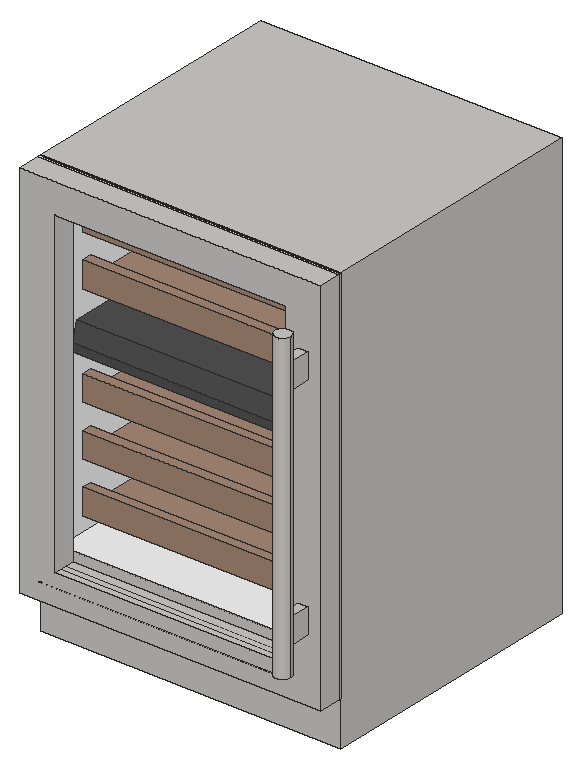
Revit family "M_Armazenamento de vinho_embutido", category Equipamento especial, Revit 2019
Family settings
  Cota do conector redondo = Utilizar diâmetro
  Tipo de parte = Normal
  Número OmniClass = 23.40.40.14
  Título OmniClass = Food Service Equipment
  Com base no plano de trabalho = Não
  Sempre na vertical = Sim
  Corte com vazios quando carregada = Não
  Compartilhado = Não
  Ponto de cálculo do ambiente = Não
Parameters (values of type "600mm LH")
  Largura = 600 mm
  Deslocamento de parede = 100 mm
  Voltagem = 120 V
  Type Comments = ""
  Acabamento da bandeja = Eletrodoméstico – Madeira – Carvalho
  Mostrar legenda = yes
  RH = no
  Consumo de energia = 500 VA
  Legenda = "Vinho U.C."
  LH = not(RH)  # yes
  Acabamento interior = Eletrodoméstico – Plástico – Branco
  Altura = 850 mm
  Linha de centro do puxador = if(RH, 35 mm, (Largura - 35 mm))  # 565 mm
  Vidro = Eletrodoméstico – Vidro
  Junta = Eletrodoméstico – Junta
  Descrição = "Armazenamento de vinho embutido"
  Linear = 600 mm
  Controlador = yes
  Acabamento do controlador = Eletrodoméstico – Plástico – Preto
  Código de montagem = "E1090320"
  Acabamento do eletrodoméstico = Eletrodoméstico – Aço inoxidável
  Amperagem = Consumo de energia / Voltagem  # 4.16667 A
Types (2, lengths in mm): name | RH | LH | Linha de centro do puxador
  600mm RH | yes | no | 35
  600mm LH | no | yes | 565
Reference planes
  plane 1 "Parte posterior": y = 0
  plane 2: z = 0
  plane 3 "Centro (Esquerda/Direita)": x = 0
  plane 4 "Esquerda": x = -300
  plane 5 "Direita": x = 300
  plane 6: y = -100
  plane 7 "Parte frontal": y = -700
  plane 8 "Traseira da porta": y = -649.2
  plane 9 "Superior": z = 850
  plane 10 "Porta B.O.": z = 88.9
  plane 11: x = 265
  plane 12: z = 773.8
  plane 13: z = 165.1
  plane 14: z = 506.412
  plane 15: y = -604.75
Forms (mm)
  Extrusion 1, solid, material "Eletrodoméstico – Aço inoxidável" <- "Acabamento do eletrodoméstico"
    sketch origin (0, 0, 0) x (1, 0, 0) y (0, 1, 0)
      loop
        line (-300, -100) -> (-300, -649.2) -> (300, -649.2) -> (300, -100) -> (-300, -100)
    from 0 to 850
  Extrusion 2, solid, material "Eletrodoméstico – Aço inoxidável" <- "Acabamento do eletrodoméstico", detail levels fine
    sketch origin (0, -700, 0) x (-1, 0, 0) y (0, 0, 1)
      loop
        line (-255.475, 723) -> (-274.525, 723) -> (-274.525, 672.2) -> (-255.475, 672.2) -> (-255.475, 723)
      loop
        line (-255.475, 266.7) -> (-274.525, 266.7) -> (-274.525, 215.9) -> (-255.475, 215.9) -> (-255.475, 266.7)
    from -42.559 to 0
  Extrusion 3, solid, material "Eletrodoméstico – Aço inoxidável" <- "Acabamento do eletrodoméstico", detail levels fine
    sketch origin (0, 0, 0) x (1, 0, 0) y (0, 1, 0)
      loop
        circle (265, -751.174) r 15.875
    from 165.1 to 773.8
  Extrusion 4, solid, material "Eletrodoméstico – Aço inoxidável" <- "Acabamento do eletrodoméstico"
    sketch origin (0, -700, 0) x (-1, 0, 0) y (0, 0, 1)
      loop
        line (300, 850) -> (-300, 850) -> (-300, 88.9) -> (300, 88.9) -> (300, 850)
      loop
        line (230.15, 789.675) -> (-230.15, 789.675) -> (-230.15, 149.225) -> (230.15, 149.225) -> (230.15, 789.675)
    from 0 to 44.45
  Sweep 5, solid, material "Eletrodoméstico – Junta" <- "Junta", detail levels fine
    path in 3D
      loop
        line (-300, -700, 850) -> (-300, -700, 88.9) -> (300, -700, 88.9) -> (300, -700, 850) -> (-300, -700, 850)
    profile origin (0, -700, 850) x (0, -1, 0) y (0, 0, 1)
      loop
        line (-50.8, -3.175) -> (-50.8, -6.35) -> (-44.45, -6.35) -> (-44.45, -3.175)
        arc (-44.45, -3.175) -> (-47.625, 0) -> (-50.8, -3.175) r 3.175
  Extrusion 6, solid, material "Eletrodoméstico – Vidro" <- "Vidro"
    sketch origin (0, -700, 0) x (-1, 0, 0) y (0, 0, 1)
      loop
        line (-230.15, 789.675) -> (-230.15, 149.225) -> (230.15, 149.225) -> (230.15, 789.675) -> (-230.15, 789.675)
    from 12.7 to 25.4
  Extrusion 7, solid, material "Eletrodoméstico – Plástico – Preto" <- "Acabamento do controlador", visible <- "Controlador", detail levels medium+fine
    sketch origin (0, 0, 0) x (0, 1, 0) y (0, 0, 1)
      loop
        line (-150.8, 506.412) -> (-150.8, 560.387) -> (-620.217, 560.387) -> (-630.15, 523.317) -> (-630.15, 506.412) -> (-150.8, 506.412)
    from -250.787 to 250.788
  Extrusion 8, solid, material "Eletrodoméstico – Madeira – Carvalho" <- "Acabamento da bandeja", detail levels fine
    sketch origin (0, 0, 0) x (0, 1, 0) y (0, 0, 1)
      loop
        line (-150.8, 203.2) -> (-150.8, 215.9) -> (-585.7, 215.9) -> (-585.7, 254) -> (-604.75, 254) -> (-604.75, 203.2) -> (-150.8, 203.2)
      loop
        line (-150.8, 304.8) -> (-150.8, 317.5) -> (-585.7, 317.5) -> (-585.7, 355.6) -> (-604.75, 355.6) -> (-604.75, 304.8) -> (-150.8, 304.8)
      loop
        line (-150.8, 406.4) -> (-150.8, 419.1) -> (-585.7, 419.1) -> (-585.7, 457.2) -> (-604.75, 457.2) -> (-604.75, 406.4) -> (-150.8, 406.4)
      loop
        line (-150.8, 609.6) -> (-150.8, 622.3) -> (-585.7, 622.3) -> (-585.7, 660.4) -> (-604.75, 660.4) -> (-604.75, 609.6) -> (-150.8, 609.6)
      loop
        line (-150.8, 711.2) -> (-150.8, 723.9) -> (-585.7, 723.9) -> (-585.7, 762) -> (-604.75, 762) -> (-604.75, 711.2) -> (-150.8, 711.2)
      loop
        line (-150.8, 508) -> (-150.8, 520.7) -> (-585.7, 520.7) -> (-585.7, 558.8) -> (-604.75, 558.8) -> (-604.75, 508) -> (-150.8, 508)
    from -250.787 to 250.788
  Extrusion 9, void
    sketch origin (0, -649.2, 0) x (-1, 0, 0) y (0, 0, 1)
      loop
        line (261.9, 825.801) -> (-261.9, 825.801) -> (-261.9, 165.1) -> (261.9, 165.1) -> (261.9, 825.801)
    from 0 to 498.4
Cuts and joins
  Extrusion 9 cuts Extrusion 2
  Extrusion 9 cuts Extrusion 3
  joined: Extrusion 2, Extrusion 3
  Extrusion 9 cuts Extrusion 1
  Extrusion 9 cuts Extrusion 4
  Extrusion 9 cuts Extrusion 6
Lines and regions (mm)
  Split face 1
    outline origin (-300, -100, 0) x (1, 0, 0) y (0, 0, -1)
      loop
        circle (447.6, -697.6) r 50.8
  Masking region 1
    outline origin (0, 0, 0) x (1, 0, 0) y (0, 1, 0)
      loop
        line (-300, -100) -> (-300, -700) -> (300, -700) -> (300, -100) -> (-300, -100)
  Masking region 2, detail levels fine
    outline origin (0, 0, 0) x (1, 0, 0) y (0, 1, 0)
      loop
        line (274.525, -738.474) -> (274.525, -700) -> (255.475, -700) -> (255.475, -738.474)
        arc (255.475, -738.474) -> (250.801, -744.075) -> (249.125, -751.174) r 15.875
        arc (249.125, -751.174) -> (265, -767.049) -> (280.875, -751.174) r 15.875
        arc (280.875, -751.174) -> (279.199, -744.075) -> (274.525, -738.474) r 15.875
  symbolic lines, style "Eletrodomésticos – Giro da planta", visible <- "LH", detail levels medium+fine
    curve 1: arc (300, -700, 0) -> (124.264, -1124.264, 0) -> (-300, -1300, 0) r 600
    curve 2: line (-300, -700, 0) -> (-300, -1300, 0)
  symbolic lines, style "Eletrodomésticos – Giro da planta", visible <- "RH", detail levels medium+fine
    curve 3: arc (-300, -700, 0) -> (-124.264, -1124.264, 0) -> (300, -1300, 0) r 600
    curve 4: line (300, -1300, 0) -> (300, -700, 0)
  sketch lines
    curve 5: line (300, -700, 850) -> (-300, -700, 850)
    curve 6: line (300, -700, 88.9) -> (300, -700, 850)
    curve 7: line (-300, -700, 88.9) -> (300, -700, 88.9)
    curve 8: line (-300, -700, 850) -> (-300, -700, 88.9)
  symbolic lines, style "Eletrodomésticos"
    curve 9: line (-300, -100, 0) -> (300, -100, 0)
    curve 10: line (-300, -700, 0) -> (-300, -100, 0)
    curve 11: line (300, -700, 0) -> (-300, -700, 0)
    curve 12: line (300, -100, 0) -> (300, -700, 0)
  symbolic lines, style "Eletrodomésticos – Ocultos"
    curve 13: line (-300, -649.2, 0) -> (300, -649.2, 0)
  symbolic lines, style "Eletrodomésticos", detail levels fine
    curve 14: arc (280.875, -751.174, 0) -> (265, -735.299, 0) -> (249.125, -751.174, 0) r 15.875
    curve 15: arc (249.125, -751.174, 0) -> (265, -767.049, 0) -> (280.875, -751.174, 0) r 15.875
    curve 16: line (274.525, -738.474, 0) -> (274.525, -700, 0)
    curve 17: line (255.475, -700, 0) -> (255.475, -738.474, 0)
Dimensions and locks
  equal spacing: plane 4 "Esquerda", plane 3 "Centro (Esquerda/Direita)", plane 5 "Direita"
  "Largura": plane 4 "Esquerda" to plane 5 "Direita"
  "Linear": plane 6 to plane 7 "Parte frontal"
  "Deslocamento de parede": plane 1 "Parte posterior" to plane 6
  "Altura": plane 9 "Superior" to level
  locked: plane 10 "Porta B.O." to level at 88.9
  locked: plane 8 "Traseira da porta" to plane 7 "Parte frontal" at 50.8
  locked: plane 9 "Superior" to plane 12 at 76.2
  locked: plane 13 to plane 10 "Porta B.O." at 76.2
  Extrusion 2 sketch curve to plane 11 to Extrusion 2 sketch curve = 9.525 mm locked, 9.525 mm locked  (x2)
  plane 12 to Extrusion 2 sketch curve to Extrusion 2 sketch curve = 50.8 mm locked, 50.8 mm locked
  Extrusion 2 sketch curve to Extrusion 2 sketch curve to plane 13 = 50.8 mm locked, 50.8 mm locked
  locked: plane 7 "Parte frontal" to Extrusion 3 sketch curve at 51.174
  locked: Split face 1 sketch curve to plane 9 "Superior" at 152.4
  locked: plane 5 "Direita" to Split face 1 sketch curve at 152.4
  "Linha de centro do puxador": plane 4 "Esquerda" to plane 11
  equal spacing: plane 6, nested 1, plane 8 "Traseira da porta"
  locked: plane 9 "Superior" to Sweep 5 sketch curve at 6.35
  locked: plane 5 "Direita" to Extrusion 4 sketch curve at 69.85
  locked: Extrusion 4 sketch curve to plane 4 "Esquerda" at 69.85
  locked: plane 9 "Superior" to Extrusion 4 sketch curve at 60.325
  locked: Extrusion 4 sketch curve to plane 10 "Porta B.O." at 60.325
  locked: plane 14 to plane 13 at 341.312
  locked: Extrusion 7 sketch curve to plane 8 "Traseira da porta" at 19.05
  locked: plane 6 to Extrusion 7 sketch curve at 50.8
  Extrusion 8 sketch curve to Extrusion 8 sketch curve to Extrusion 8 sketch curve = 12.7 mm locked, 38.1 mm locked  (x6)
  locked: Extrusion 8 sketch curve to plane 13 at 38.1
  Extrusion 8 sketch curve to Extrusion 8 sketch curve to Extrusion 8 sketch curve to Extrusion 8 sketch curve to Extrusion 8 sketch curve to Extrusion 8 sketch curve = 101.6 mm locked, 101.6 mm locked, 101.6 mm locked, 101.6 mm locked, 101.6 mm locked
  locked: Extrusion 8 to plane 4 "Esquerda" at 49.213
  locked: plane 5 "Direita" to Extrusion 8 at 49.212
  locked: plane 5 "Direita" to Extrusion 9 sketch curve at 38.1
  locked: Extrusion 9 sketch curve to plane 4 "Esquerda" at 38.1
  locked: plane 6 to cut or joined group of Extrusion 1, Extrusion 9 at 50.8
  locked: plane 15 to plane 8 "Traseira da porta" at 44.45
  locked: plane 5 "Direita" to Extrusion 7 at 49.212
  locked: Extrusion 7 to plane 4 "Esquerda" at 49.213
  locked: Extrusion 7 sketch curve to plane 14 at 53.975
  "Largura": radius of curve 3
  "Largura": radius of curve 1
  aligned and locked: plane 2 to level
  aligned and locked: Extrusion 1 sketch curve to plane 6
  aligned and locked: plane 4 "Esquerda" to Extrusion 1 sketch curve
  aligned and locked: plane 8 "Traseira da porta" to Extrusion 1 sketch curve
  aligned and locked: Extrusion 1 sketch curve to plane 5 "Direita"
  aligned and locked: plane 9 "Superior" to Extrusion 1
  aligned and locked: plane 7 "Parte frontal" to Extrusion 2
  aligned and locked: plane 11 to Extrusion 3 sketch curve
  aligned and locked: Extrusion 3 to plane 13
  aligned and locked: plane 12 to Extrusion 3
  aligned and locked: plane 12 to cut or joined group of Extrusion 2, Extrusion 3, Extrusion 9
  aligned and locked: plane 4 "Esquerda" to Extrusion 4 sketch curve
  aligned and locked: Extrusion 4 sketch curve to plane 5 "Direita"
  aligned and locked: plane 10 "Porta B.O." to Extrusion 4 sketch curve
  aligned and locked: plane 3 "Centro (Esquerda/Direita)" to nested 1
  aligned and locked: Masking region 1 sketch curve to plane 5 "Direita"
  aligned and locked: Masking region 1 sketch curve to plane 6
  aligned and locked: plane 4 "Esquerda" to Masking region 1 sketch curve
  aligned and locked: plane 7 "Parte frontal" to Masking region 1 sketch curve
  aligned and locked: Masking region 2 sketch curve to cut or joined group of Extrusion 2, Extrusion 3, Extrusion 9  (x5)
  aligned and locked: Masking region 2 sketch curve to plane 7 "Parte frontal"
  aligned and locked: Extrusion 4 sketch curve to plane 9 "Superior"
  aligned and locked: Extrusion 6 sketch curve to Extrusion 4  (x4)
  aligned and locked: Extrusion 7 sketch curve to plane 14
  aligned and locked: plane 15 to Extrusion 8 sketch curve  (x5)
  aligned and locked: Extrusion 9 sketch curve to plane 13
Automatic sketch dimensions
  Sweep 5 sketch curve to profile plane = 3.175 mm
  profile plane to Sweep 5 sketch curve = 50.8 mm
  Sweep 5 sketch curve to Sweep 5 sketch curve = 3.175 mm
  Extrusion 8 sketch curve to plane 15 = 0 mm
  Extrusion 8 sketch curve to plane 15 = 19.05 mm  (x6)
  Extrusion 8 sketch curve to plane 6 = 50.8 mm  (x6)
  Extrusion 9 sketch curve to plane 9 "Superior" = 24.199 mm
  plane 8 "Traseira da porta" to Extrusion 7 sketch curve = 28.983 mm
  Extrusion 7 sketch curve to Extrusion 7 sketch curve = 16.904 mm
  Extrusion 7 sketch curve to plane 14 = 0 mm
  curve 1 to plane 4 "Esquerda" = 0 mm
  curve 17 to plane 7 "Parte frontal" = 0 mm
  curve 15 to plane 11 = 0 mm
  curve 13 to plane 8 "Traseira da porta" = 0 mm
  curve 9 to plane 6 = 0 mm
  curve 15 to plane 7 "Parte frontal" = 51.174 mm
  curve 15 to plane 11 = 15.875 mm
  curve 17 to plane 11 = 9.525 mm
  plane 11 to curve 16 = 9.525 mm
  radius of Extrusion 3 sketch curve = 15.875 mm
  radius of Split face 1 sketch curve = 50.8 mm
Nested families
  nested 1: "Anotação de legenda de 2,5" at (0, -374.6, 0), visible <- "Mostrar legenda", type "Anotação de legenda de 2,5"
Connectors
  electrical at (147.6, -100, 697.6), driven by "Voltagem", driven by "Consumo de energia"
    settings: on Extrusion 1, index 1, voltage 120 V, apparent load 500 VA, apparent load phase1 0 VA, apparent load phase2 0 VA, apparent load phase3 0 VA, power factor 1, load classification "Eletrodoméstico", number of poles 1, system type 30, power factor state 1, is connector primary yes, connector utility no, sub classification motor no, connector description "Potência do armazenamento de vinho"
Definition of nested family "Anotação de legenda de 2,5"
  Parameters
    Legenda = "Congelador 36 LH"
  Reference planes
    plane 1: y = 0
    plane 2: x = 0
  Text (mm)
    label "Legenda" at (0.095, -0.088, 0), shows "Legenda"
